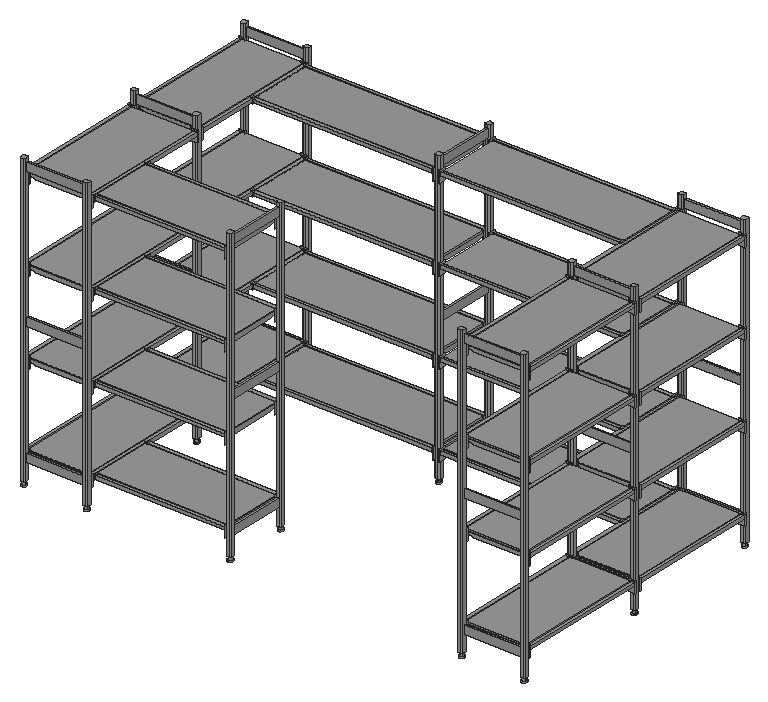
Revit family "QF_ZANUSSI_137105_CRS2816", category Attrezzature speciali, Revit 2020 (continued)
Definition of nested family "QF_974G"
  Definition of nested family "WT_Aggancio373B"
    Automatic sketch dimensions
      Extrusion 2 sketch curve to Extrusion 2 sketch curve = 3 mm  (x4)
      plane 10 to Extrusion 2 sketch curve = 7.996 mm
      plane 10 to Extrusion 2 sketch curve = 2.494 mm
      Extrusion 2 sketch curve to Extrusion 2 sketch curve = 18 mm  (x3)
      plane 12 to Extrusion 2 sketch curve = 2.494 mm
      plane 12 to Extrusion 2 sketch curve = 7.996 mm
      plane 13 to Extrusion 2 sketch curve = 2.494 mm
      plane 2 "LEFT" to Extrusion 3 sketch curve = 0 mm  (x4)
      plane 13 to Extrusion 3 sketch curve = 7.996 mm
      plane 11 to Extrusion 3 sketch curve = 7.996 mm
      Extrusion 3 sketch curve to Extrusion 3 sketch curve = 5 mm  (x4)
      plane 11 to Extrusion 3 sketch curve = 2.494 mm
      plane 10 to Extrusion 3 sketch curve = 28.996 mm
      Extrusion 3 sketch curve to Extrusion 3 sketch curve = 3 mm  (x4)
      plane 10 to Extrusion 3 sketch curve = 7.996 mm
      plane 10 to Extrusion 3 sketch curve = 2.494 mm
      Extrusion 3 sketch curve to Extrusion 3 sketch curve = 18 mm  (x3)
      plane 12 to Extrusion 3 sketch curve = 2.494 mm
      plane 12 to Extrusion 3 sketch curve = 7.996 mm
      plane 13 to Extrusion 3 sketch curve = 2.494 mm
      plane 2 "LEFT" to curve 1 = 5 mm
      plane 2 "LEFT" to curve 7 = 5 mm
      curve 1 to plane 16 "CYFront" = 17.5 mm
      curve 3 to plane 8 = 12.522 mm
      plane 7 to curve 5 = 12.478 mm
      curve 7 to plane 14 = 17.5 mm
      curve 5 to curve 5 = 4 mm
      curve 1 to curve 4 = 4 mm
      Extrusion 2 sketch curve to Extrusion 2 sketch curve = 4 mm  (x4)
      Extrusion 2 sketch curve to Extrusion 2 sketch curve = 8.969 mm  (x4)
      Extrusion 3 sketch curve to Extrusion 3 sketch curve = 4 mm  (x4)
      Extrusion 3 sketch curve to Extrusion 3 sketch curve = 8.969 mm  (x4)
Definition of nested family "QF_708G"
  Parameters
    Default Elevation = 0 mm
    Model = "137030"
    Manufacturer = "Electrolux Professional"
    Description = ""
  Reference planes
    plane 1: z = 0
    plane 2 "Center (F/B)": y = -163.5
    plane 3 "Front": y = -549.5
    plane 4 "Left": x = -217.5
    plane 5 "Right": x = 155.5
    plane 6 "TOP": z = 1700
    plane 7: y = -517.5
    plane 8: y = 190.5
    plane 9 "Center (Left/Right)": x = -31
    plane 10: y = 185.5
    plane 11: x = -186
    plane 12: x = 124
    plane 13 "FEET": z = 25
    plane 14: z = 140
    plane 15: z = 590
    plane 16: z = 1040
    plane 17: z = 1490
    plane 18 "CXLeft": y = -535.5
    plane 19: x = -200
    plane 20 "CYBack": x = -200
    plane 21 "CYFront": x = 138
    plane 22 "Back": y = 194.5
    plane 23 "LEFT_ORIGIN": x = -251.5
    plane 24 "BACK_Origin": y = 567.5
  Forms (mm)
    Extrusion 1, solid
      sketch origin (0, -549.5, 0) x (-1, 0, 0) y (0, 0, 1)
        loop
          line (198.5, 1515.994) -> (198.5, 1497.998) -> (217.5, 1497.998) -> (217.5, 1515.994) -> (198.5, 1515.994)
        loop
          line (-136.5, 1515.994) -> (-155.5, 1515.994) -> (-155.5, 1497.998) -> (-136.5, 1497.998) -> (-136.5, 1515.994)
        loop
          line (198.5, 1065.994) -> (198.5, 1047.998) -> (217.5, 1047.998) -> (217.5, 1065.994) -> (198.5, 1065.994)
        loop
          line (-136.5, 1065.994) -> (-155.5, 1065.994) -> (-155.5, 1047.998) -> (-136.5, 1047.998) -> (-136.5, 1065.994)
        loop
          line (198.5, 615.994) -> (198.5, 597.998) -> (217.5, 597.998) -> (217.5, 615.994) -> (198.5, 615.994)
        loop
          line (-136.5, 615.994) -> (-155.5, 615.994) -> (-155.5, 597.998) -> (-136.5, 597.998) -> (-136.5, 615.994)
        loop
          line (198.5, 165.994) -> (198.5, 147.998) -> (217.5, 147.998) -> (217.5, 165.994) -> (198.5, 165.994)
        loop
          line (-136.5, 165.994) -> (-155.5, 165.994) -> (-155.5, 147.998) -> (-136.5, 147.998) -> (-136.5, 165.994)
      from 32 to 740
    Extrusion 2, solid
      sketch origin (0, -549.5, 0) x (-1, 0, 0) y (0, 0, 1)
        loop
          line (196.507, 1515.994) -> (-134.5, 1515.994) -> (-134.5, 1509.496) -> (196.507, 1509.496) -> (196.507, 1515.994)
        loop
          line (196.507, 1065.994) -> (-134.5, 1065.994) -> (-134.5, 1059.496) -> (196.507, 1059.496) -> (196.507, 1065.994)
        loop
          line (196.507, 615.994) -> (-134.5, 615.994) -> (-134.5, 609.496) -> (196.507, 609.496) -> (196.507, 615.994)
        loop
          line (196.507, 165.994) -> (-134.5, 165.994) -> (-134.5, 159.496) -> (196.507, 159.496) -> (196.507, 165.994)
      from 32 to 740
  Lines and regions (mm)
    symbolic lines
      curve 1: line (-198.5, 190.5, 1700) -> (-198.5, -517.5, 1700)
      curve 2: line (-217.5, -521.5, 1700) -> (-217.5, 190.5, 1700)
      curve 3: line (155.5, -521.5, 1700) -> (155.5, 190.5, 1700)
      curve 4: line (-181.507, -517.5, 1700) -> (119.507, -517.5, 1700)
      curve 5: line (136.5, -517.5, 1700) -> (136.5, 190.5, 1700)
      curve 6: line (-198.5, 190.5, 1700) -> (136.5, 190.5, 1700)
  Dimensions and locks
    plane 3 "Front" to plane 2 "Center (F/B)" = 386 mm
    locked: plane 4 "Left" to plane 5 "Right" at 373
    locked: plane 7 to plane 8 at 708
    locked: plane 3 "Front" to plane 7 at 32
    plane 10 to plane 8 = 5 mm
    locked: plane 11 to plane 12 at 310
    equal spacing: plane 11, plane 9 "Center (Left/Right)", plane 12
    equal spacing: plane 4 "Left", plane 9 "Center (Left/Right)", plane 5 "Right"
    locked: plane 3 "Front" to plane 18 "CXLeft" at 14
    locked: plane 3 "Front" to plane 22 "Back" at 744
    plane 23 "LEFT_ORIGIN" to plane 5 "Right" = 407 mm
    locked: plane 22 "Back" to plane 24 "BACK_Origin" at 373
    plane 14 to level = 140 mm
    plane 15 to level = 590 mm
    plane 16 to level = 1040 mm
    locked: plane 6 "TOP" to level at 1700
    plane 17 to level = 1490 mm
    plane 13 "FEET" to level = 25 mm
    aligned and locked: level to plane 1
    aligned and locked: Extrusion 2 to plane 7
    aligned and locked: plane 8 to Extrusion 2
    aligned and locked: Extrusion 1 to plane 7
    aligned and locked: plane 8 to Extrusion 1
    aligned and locked: Extrusion 1 sketch curve to Extrusion 1 sketch curve  (x2)
    aligned and locked: nested 1 to plane 18 "CXLeft"
    aligned and locked: nested 2 to plane 10
  Automatic sketch dimensions
    curve 2 to plane 4 "Left" = 0 mm
    curve 3 to plane 5 "Right" = 0 mm
    plane 7 to curve 1 = 0 mm
    plane 7 to curve 4 = 0 mm
    plane 7 to curve 5 = 0 mm
    plane 8 to curve 2 = 0 mm
    plane 8 to curve 1 = 0 mm
    plane 8 to curve 3 = 0 mm
    plane 21 "CYFront" to curve 5 = 1.5 mm
    plane 19 to curve 6 = 1.5 mm
    plane 7 to curve 3 = 4 mm
    plane 7 to curve 2 = 4 mm
    plane 12 to curve 4 = 4.493 mm
    curve 4 to plane 11 = 4.493 mm
    plane 5 "Right" to Extrusion 1 sketch curve = 0 mm  (x4)
    plane 4 "Left" to Extrusion 1 sketch curve = 0 mm  (x4)
    plane 21 "CYFront" to Extrusion 1 sketch curve = 1.5 mm  (x2)
    plane 19 to Extrusion 1 sketch curve = 1.5 mm  (x4)
    plane 14 to Extrusion 1 sketch curve = 7.998 mm  (x2)
    Extrusion 1 sketch curve to Extrusion 1 sketch curve = 17.997 mm  (x8)
    plane 15 to Extrusion 1 sketch curve = 7.998 mm  (x2)
    plane 16 to Extrusion 1 sketch curve = 7.998 mm  (x2)
    plane 17 to Extrusion 1 sketch curve = 7.998 mm  (x2)
    plane 21 "CYFront" to Extrusion 2 sketch curve = 3.5 mm  (x4)
    plane 19 to Extrusion 2 sketch curve = 3.493 mm  (x4)
    plane 14 to Extrusion 2 sketch curve = 19.496 mm
    Extrusion 2 sketch curve to Extrusion 2 sketch curve = 6.499 mm  (x4)
    plane 15 to Extrusion 2 sketch curve = 19.496 mm
    plane 16 to Extrusion 2 sketch curve = 19.496 mm
    plane 17 to Extrusion 2 sketch curve = 19.496 mm
  Nested families
    nested 1: "WT_Anta373B" at (-194.5, -132.5, 0) x (0, 1, 0) z (0, 0, 1), type "WT_Anta373B"
    nested 2: "WT_Aggancio373B" at (-194.5, 602.5, 0) x (0, 1, 0) z (0, 0, 1), type "WT_Aggancio373B"
  Definition of nested family "WT_Anta373B"
    Parameters
      WidthLeft = A + 64 mm  # 772 mm
      Width = 1606 mm
      Right = WidthLeft / 2  # 386 mm
      Default Elevation = 0 mm
      Left = -WidthLeft / 2  # -386 mm
      Height = 1590 mm
      FEET = 25 mm
      E = 0 mm
      Dint = Depth - 63 mm  # 310 mm
      Dext = Depth - 8 mm  # 365 mm
      Depth = 373 mm
      DX = (WidthLeft - A) / 2  # 32 mm
      B = 798 mm
      A = 708 mm
    Reference planes
      plane 1: z = 0
      plane 2 "LEFT": x = -417
      plane 3 "BACK": y = 23
      plane 4 "FRONT": y = -350
      plane 5 "TOP": z = 1590
      plane 6 "Center (Front/Back)": y = -163.5
      plane 7: y = -8.5
      plane 8: y = -318.5
      plane 9 "FEET": z = 25
      plane 10: z = 140
      plane 11: z = 590
      plane 12: z = 1040
      plane 13: z = 1490
      plane 14 "CXLeft": x = -403
      plane 15: y = 5.5
      plane 16 "CYBack": y = 5.5
      plane 17 "CYFront": y = -332.5
      plane 18: x = -385.031
      plane 19: x = -380.031
    Forms (mm)
      Extrusion 1, solid
        sketch origin (0, 0, 0) x (1, 0, 0) y (0, 1, 0)
          loop
            line (-417, 13.246) -> (-417, -2.246) -> (-410.746, -8.5) -> (-395.254, -8.5) -> (-389, -2.246) -> (-389, 13.246) -> (-395.254, 19.5) -> (-410.746, 19.5) -> (-417, 13.246)
        from 1590 to 25
      Extrusion 2, solid
        sketch origin (-417, 0, 0) x (0, 1, 0) y (0, 0, 1)
          loop
            line (23, 111.005) -> (23, 172.993) -> (-12.993, 172.993) -> (-12.993, 111.005) -> (23, 111.005)
          loop
            line (-350, 111.005) -> (-314.007, 111.005) -> (-314.007, 172.993) -> (-350, 172.993) -> (-350, 111.005)
          loop
            line (23, 561.005) -> (23, 622.993) -> (-12.993, 622.993) -> (-12.993, 561.005) -> (23, 561.005)
          loop
            line (-350, 561.005) -> (-314.007, 561.005) -> (-314.007, 622.993) -> (-350, 622.993) -> (-350, 561.005)
          loop
            line (23, 1011.005) -> (23, 1072.993) -> (-12.993, 1072.993) -> (-12.993, 1011.005) -> (23, 1011.005)
          loop
            line (-350, 1011.005) -> (-314.007, 1011.005) -> (-314.007, 1072.993) -> (-350, 1072.993) -> (-350, 1011.005)
          loop
            line (23, 1461.005) -> (23, 1522.993) -> (-12.993, 1522.993) -> (-12.993, 1461.005) -> (23, 1461.005)
          loop
            line (-350, 1461.005) -> (-314.007, 1461.005) -> (-314.007, 1522.993) -> (-350, 1522.993) -> (-350, 1461.005)
        from 28 to 32
      Revolve 3, solid
        sketch origin (-403, 0, 0) x (0, 1, 0) y (0, 0, 1)
          loop
            line (5.5, 25) -> (5.5, 0) -> (19, 0) -> (19, 5) -> (14, 5) -> (14, 25) -> (5.5, 25)
          axis (5.5, 25) -> (5.5, 0)
        angle from 0 to 360
      Extrusion 4, solid
        sketch origin (-403, 0, 0) x (0, 1, 0) y (0, 0, 1)
          loop
            line (-8.5, 777.382) -> (-8.5, 822.374) -> (-318.5, 822.374) -> (-318.5, 777.382) -> (-8.5, 777.382)
          loop
            line (-8.5, 1527.244) -> (-8.5, 1572.236) -> (-318.5, 1572.236) -> (-318.5, 1527.244) -> (-8.5, 1527.244)
        from -5 to 5
      Revolve 5, solid
        sketch origin (-403, -627, 0) x (0, -1, 0) y (0, 0, 1)
          loop
            line (-294.5, 25) -> (-294.5, 0) -> (-281, 0) -> (-281, 5) -> (-286, 5) -> (-286, 25) -> (-294.5, 25)
          axis (-294.5, 25) -> (-294.5, 0)
        angle from 0 to 360
      Extrusion 6, solid
        sketch origin (0, -627, 0) x (1, 0, 0) y (0, 1, 0)
          loop
            line (-417, 286.754) -> (-410.746, 280.5) -> (-395.254, 280.5) -> (-389, 286.754) -> (-389, 302.246) -> (-395.254, 308.5) -> (-410.746, 308.5) -> (-417, 302.246) -> (-417, 286.754)
        from 1590 to 25
      Extrusion 7, solid
        sketch origin (-417.031, -0.022, 0) x (0, 1, 0) y (0, 0, -1)
          loop
            line (-12, -1497.998) -> (-46, -1485.994) -> (-281, -1485.994) -> (-315, -1497.998) -> (-331, -1497.998) -> (-331, -1515.994) -> (-329, -1515.994) -> (-329, -1509.496) -> (2.007, -1509.496) -> (2.007, -1515.994) -> (4, -1515.994) -> (4, -1497.998) -> (-12, -1497.998)
          loop
            line (-12, -1047.998) -> (-46, -1035.994) -> (-281, -1035.994) -> (-315, -1047.998) -> (-331, -1047.998) -> (-331, -1065.994) -> (-329, -1065.994) -> (-329, -1059.496) -> (2.007, -1059.496) -> (2.007, -1065.994) -> (4, -1065.994) -> (4, -1047.998) -> (-12, -1047.998)
          loop
            line (-12, -597.998) -> (-46, -585.994) -> (-281, -585.994) -> (-315, -597.998) -> (-331, -597.998) -> (-331, -615.994) -> (-329, -615.994) -> (-329, -609.496) -> (2.007, -609.496) -> (2.007, -615.994) -> (4, -615.994) -> (4, -597.998) -> (-12, -597.998)
          loop
            line (-12, -147.998) -> (-46, -135.994) -> (-281, -135.994) -> (-315, -147.998) -> (-331, -147.998) -> (-331, -165.994) -> (-329, -165.994) -> (-329, -159.496) -> (2.007, -159.496) -> (2.007, -165.994) -> (4, -165.994) -> (4, -147.998) -> (-12, -147.998)
        from -32 to -37
      Extrusion 8, solid
        sketch origin (-403, 0, -659.878) x (0, 1, 0) y (0, 0, 1)
          loop
            line (-8.5, 777.382) -> (-8.5, 822.374) -> (-318.5, 822.374) -> (-318.5, 777.382) -> (-8.5, 777.382)
          loop
            line (-8.5, 1437.382) -> (-8.5, 1482.374) -> (-318.5, 1482.374) -> (-318.5, 1437.382) -> (-8.5, 1437.382)
          loop
            line (-8.5, 2187.382) -> (-8.5, 2232.374) -> (-318.5, 2232.374) -> (-318.5, 2187.382) -> (-8.5, 2187.382)
        from -5 to 5
    Lines and regions (mm)
      symbolic lines
        curve 1: line (-408, -8.5, 1590) -> (-408, -318.5, 1590)
        curve 2: line (-398, -318.5, 1590) -> (-398, -8.5, 1590)
        curve 3: line (-395.254, -8.5, 1590) -> (-410.746, -8.5, 1590)
        curve 4: line (-417, -2.246, 1590) -> (-410.746, -8.5, 1590)
        curve 5: line (-417, 13.246, 1590) -> (-417, -2.246, 1590)
        curve 6: line (-410.746, 19.5, 1590) -> (-417, 13.246, 1590)
        curve 7: line (-395.254, 19.5, 1590) -> (-410.746, 19.5, 1590)
        curve 8: line (-389, 13.246, 1590) -> (-395.254, 19.5, 1590)
        curve 9: line (-395.254, -8.5, 1590) -> (-389, -2.246, 1590)
        curve 10: line (-395.254, -318.5, 1590) -> (-410.746, -318.5, 1590)
        curve 11: line (-417, -324.754, 1590) -> (-410.746, -318.5, 1590)
        curve 12: line (-410.746, -346.5, 1590) -> (-417, -340.246, 1590)
        curve 13: line (-395.254, -346.5, 1590) -> (-410.746, -346.5, 1590)
        curve 14: line (-389, -340.246, 1590) -> (-395.254, -346.5, 1590)
        curve 15: line (-395.254, -318.5, 1590) -> (-389, -324.754, 1590)
        curve 16: line (-389, -350, 1590) -> (-389, -314.007, 1590)
        curve 17: line (-389, -314.007, 1590) -> (-385, -314.007, 1590)
        curve 18: line (-389, 23, 1590) -> (-389, -12.993, 1590)
        curve 19: line (-389, -12.993, 1590) -> (-385, -12.993, 1590)
        curve 20: line (-417, -324.754, 1590) -> (-417, -340.246, 1590)
        curve 21: line (-385, -350, 1590) -> (-385, -314.007, 1590)
        curve 22: line (-385, -350, 1590) -> (-389, -350, 1590)
        curve 23: line (-385, 23, 1590) -> (-389, 23, 1590)
        curve 24: line (-385, -12.993, 1590) -> (-385, 23, 1590)
        curve 25: line (-385.031, -13.016, 1725) -> (-385.031, -314.029, 1725)
    Dimensions and locks
      "Depth": plane 3 "BACK" to plane 4 "FRONT"
      "Dint": plane 7 to plane 8
      equal spacing: plane 7, plane 6 "Center (Front/Back)", plane 8
      equal spacing: plane 3 "BACK", plane 6 "Center (Front/Back)", plane 4 "FRONT"
      plane 9 "FEET" to level = 25 mm
      plane 10 to plane 9 "FEET" = 115 mm
      plane 11 to plane 10 = 450 mm
      plane 12 to plane 11 = 450 mm
      plane 13 to plane 12 = 450 mm
      locked: plane 2 "LEFT" to plane 14 "CXLeft" at 14
      locked: plane 3 "BACK" to plane 16 "CYBack" at 17.5
      locked: plane 17 "CYFront" to plane 4 "FRONT" at 17.5
      locked: Revolve 3 sketch curve to Revolve 3 sketch curve at 8.5
      locked: Revolve 3 sketch curve to plane 16 "CYBack" at 13.5
      locked: Revolve 5 sketch curve to Revolve 5 sketch curve at 8.5
      plane 10 to level = 140 mm
      plane 11 to level = 590 mm
      plane 12 to level = 1040 mm
      plane 13 to level = 1490 mm
      "Height": plane 5 "TOP" to level
      aligned and locked: level to plane 1
      aligned and locked: curve 20 to Extrusion 6
      aligned and locked: plane 5 "TOP" to Extrusion 1
      aligned and locked: plane 5 "TOP" to Extrusion 6
      aligned and locked: Extrusion 7 sketch curve to Extrusion 7 sketch curve  (x3)
    Automatic sketch dimensions
      curve 16 to plane 4 "FRONT" = 0 mm
      curve 11 to plane 8 = 0 mm
      curve 9 to plane 7 = 0 mm
      curve 5 to plane 2 "LEFT" = 0 mm
      curve 23 to plane 3 "BACK" = 0 mm
      plane 4 "FRONT" to curve 13 = 3.5 mm
      curve 20 to plane 17 "CYFront" = 7.746 mm
      curve 20 to plane 8 = 6.254 mm
      plane 8 to curve 16 = 4.493 mm
      curve 24 to plane 18 = 0.031 mm
      curve 24 to plane 7 = 4.493 mm
      plane 7 to curve 5 = 6.254 mm
      curve 5 to plane 15 = 7.746 mm
      curve 6 to plane 3 "BACK" = 3.5 mm
      curve 21 to plane 18 = 0.031 mm
      plane 18 to curve 23 = 3.969 mm
      plane 18 to curve 16 = 3.969 mm
      curve 18 to curve 8 = 6.254 mm
      curve 18 to curve 3 = 6.254 mm
      curve 16 to curve 13 = 6.254 mm
      curve 16 to curve 15 = 6.254 mm
      plane 2 "LEFT" to curve 10 = 6.254 mm
      plane 2 "LEFT" to curve 7 = 6.254 mm
      plane 2 "LEFT" to curve 12 = 6.254 mm
      plane 2 "LEFT" to curve 3 = 6.254 mm
      curve 14 to plane 17 "CYFront" = 7.746 mm
      curve 15 to plane 8 = 6.254 mm
      plane 7 to curve 9 = 6.254 mm
      curve 8 to plane 15 = 7.746 mm
      curve 3 to curve 2 = 2.746 mm
      curve 1 to curve 10 = 2.746 mm
      Extrusion 1 sketch curve to plane 2 "LEFT" = 0 mm
      Extrusion 1 sketch curve to plane 7 = 0 mm
      plane 2 "LEFT" to Extrusion 1 sketch curve = 6.254 mm  (x2)
      plane 14 "CXLeft" to Extrusion 1 sketch curve = 7.746 mm  (x2)
      Extrusion 1 sketch curve to plane 3 "BACK" = 3.5 mm
      plane 18 to Extrusion 1 sketch curve = 3.969 mm
      plane 7 to Extrusion 1 sketch curve = 6.254 mm  (x2)
      Extrusion 1 sketch curve to plane 15 = 7.746 mm  (x2)
      Extrusion 2 sketch curve to plane 4 "FRONT" = 0 mm  (x4)
      Extrusion 2 sketch curve to plane 3 "BACK" = 0 mm  (x4)
      plane 8 to Extrusion 2 sketch curve = 4.493 mm  (x4)
      Extrusion 2 sketch curve to plane 7 = 4.493 mm  (x4)
      Extrusion 2 sketch curve to plane 10 = 28.995 mm  (x2)
      plane 10 to Extrusion 2 sketch curve = 32.993 mm  (x2)
      Extrusion 2 sketch curve to plane 11 = 28.995 mm  (x2)
      plane 11 to Extrusion 2 sketch curve = 32.993 mm  (x2)
      Extrusion 2 sketch curve to plane 12 = 28.995 mm  (x2)
      plane 12 to Extrusion 2 sketch curve = 32.993 mm  (x2)
      Extrusion 2 sketch curve to plane 13 = 28.995 mm  (x2)
      plane 13 to Extrusion 2 sketch curve = 32.993 mm  (x2)
      Revolve 3 sketch curve to plane 9 "FEET" = 0 mm  (x2)
      Revolve 3 sketch curve to plane 15 = 0 mm  (x2)
      Revolve 3 sketch curve to level = 0 mm
      level to Revolve 3 sketch curve = 5 mm
      Revolve 3 sketch curve to Revolve 3 sketch curve = 11.655 mm
      Extrusion 4 sketch curve to plane 8 = 0 mm  (x2)
      Extrusion 4 sketch curve to plane 7 = 0 mm  (x2)
      plane 11 to Extrusion 4 sketch curve = 187.382 mm
      Extrusion 4 sketch curve to Extrusion 4 sketch curve = 44.992 mm
      plane 13 to Extrusion 4 sketch curve = 37.244 mm
      Extrusion 4 sketch curve to plane 5 "TOP" = 17.764 mm
      Revolve 5 sketch curve to plane 9 "FEET" = 0 mm  (x2)
      Revolve 5 sketch curve to plane 17 "CYFront" = 0 mm  (x2)
      Revolve 5 sketch curve to level = 0 mm
      Revolve 5 sketch curve to plane 4 "FRONT" = 4 mm
      Revolve 5 sketch curve to Revolve 5 sketch curve = 5 mm
      level to Revolve 5 sketch curve = 11.655 mm
      Extrusion 6 sketch curve to plane 2 "LEFT" = 0 mm
      Extrusion 6 sketch curve to plane 8 = 0 mm
      Extrusion 6 sketch curve to plane 2 "LEFT" = 6.254 mm  (x2)
      Extrusion 6 sketch curve to plane 14 "CXLeft" = 7.746 mm  (x2)
      Extrusion 6 sketch curve to plane 4 "FRONT" = 3.5 mm
      Extrusion 6 sketch curve to plane 18 = 3.969 mm
      plane 8 to Extrusion 6 sketch curve = 6.254 mm  (x2)
      plane 17 "CYFront" to Extrusion 6 sketch curve = 7.746 mm  (x2)
      plane 17 "CYFront" to Extrusion 7 sketch curve = 1.478 mm  (x4)
      Extrusion 7 sketch curve to Extrusion 7 sketch curve = 2 mm
      plane 8 to Extrusion 7 sketch curve = 3.478 mm  (x4)
      Extrusion 7 sketch curve to plane 10 = 4.006 mm
      Extrusion 7 sketch curve to Extrusion 7 sketch curve = 34 mm  (x4)
      Extrusion 7 sketch curve to plane 11 = 4.006 mm
      Extrusion 7 sketch curve to plane 12 = 4.006 mm
      Extrusion 7 sketch curve to plane 13 = 4.006 mm
      Extrusion 7 sketch curve to plane 7 = 37.522 mm  (x4)
      Extrusion 7 sketch curve to plane 7 = 3.522 mm  (x4)
      plane 15 to Extrusion 7 sketch curve = 3.516 mm  (x4)
      plane 15 to Extrusion 7 sketch curve = 1.522 mm  (x4)
      plane 13 to Extrusion 7 sketch curve = 7.998 mm  (x2)
      Extrusion 7 sketch curve to Extrusion 7 sketch curve = 11.498 mm
      Extrusion 7 sketch curve to Extrusion 7 sketch curve = 6.499 mm  (x5)
      plane 12 to Extrusion 7 sketch curve = 25.994 mm  (x2)
      plane 12 to Extrusion 7 sketch curve = 7.998 mm  (x2)
      plane 11 to Extrusion 7 sketch curve = 25.994 mm  (x2)
      plane 11 to Extrusion 7 sketch curve = 7.998 mm  (x2)
      plane 10 to Extrusion 7 sketch curve = 25.994 mm  (x2)
      plane 10 to Extrusion 7 sketch curve = 7.998 mm  (x2)
      curve 25 to plane 18 = 0 mm
      plane 8 to curve 25 = 4.471 mm
      curve 25 to plane 7 = 4.516 mm
      Extrusion 8 sketch curve to plane 8 = 0 mm  (x3)
      Extrusion 8 sketch curve to plane 7 = 0 mm  (x3)
      Extrusion 8 sketch curve to plane 10 = 22.496 mm
      plane 10 to Extrusion 8 sketch curve = 22.496 mm
      plane 11 to Extrusion 8 sketch curve = 187.504 mm
      Extrusion 8 sketch curve to Extrusion 8 sketch curve = 44.992 mm
      plane 13 to Extrusion 8 sketch curve = 37.504 mm
      Extrusion 8 sketch curve to plane 5 "TOP" = 17.504 mm
  Definition of nested family "WT_Aggancio373B"
    Parameters
      WidthLeft = A + 64 mm  # 772 mm
      Width = 1606 mm
      Right = WidthLeft / 2  # 386 mm
      Default Elevation = 0 mm
      Left = -WidthLeft / 2  # -386 mm
      Height = 1590 mm
      FEET = 25 mm
      E = 0 mm
      Dint = Depth - 63 mm  # 310 mm
      Dext = Depth - 8 mm  # 365 mm
      Depth = 373 mm
      DX = (WidthLeft - A) / 2  # 32 mm
      B = 798 mm
      A = 708 mm
    Reference planes
      plane 1: z = 0
      plane 2 "LEFT": x = -417
      plane 3 "BACK": y = 23
      plane 4 "FRONT": y = -350
      plane 5 "TOP": z = 1590
      plane 6 "Center (Front/Back)": y = -163.5
      plane 7: y = -8.5
      plane 8: y = -318.5
      plane 9 "FEET": z = 25
      plane 10: z = 140
      plane 11: z = 590
      plane 12: z = 1040
      plane 13: z = 1490
      plane 14: y = 5.5
      plane 15 "CYBack": y = 5.5
      plane 16 "CYFront": y = -332.5
    Forms (mm)
      Extrusion 1, solid
        sketch origin (-380, -0.022, 0) x (0, 1, 0) y (0, 0, 1)
          loop
            line (-12, 1497.998) -> (4, 1497.998) -> (4, 1515.994) -> (2.007, 1515.994) -> (2.007, 1509.496) -> (-329, 1509.496) -> (-329, 1515.994) -> (-331, 1515.994) -> (-331, 1497.998) -> (-315, 1497.998) -> (-281, 1485.994) -> (-46, 1485.994) -> (-12, 1497.998)
          loop
            line (-12, 1047.998) -> (4, 1047.998) -> (4, 1065.994) -> (2.007, 1065.994) -> (2.007, 1059.496) -> (-329, 1059.496) -> (-329, 1065.994) -> (-331, 1065.994) -> (-331, 1047.998) -> (-315, 1047.998) -> (-281, 1035.994) -> (-46, 1035.994) -> (-12, 1047.998)
          loop
            line (-12, 597.998) -> (4, 597.998) -> (4, 615.994) -> (2.007, 615.994) -> (2.007, 609.496) -> (-329, 609.496) -> (-329, 615.994) -> (-331, 615.994) -> (-331, 597.998) -> (-315, 597.998) -> (-281, 585.994) -> (-46, 585.994) -> (-12, 597.998)
          loop
            line (-12, 147.998) -> (4, 147.998) -> (4, 165.994) -> (2.007, 165.994) -> (2.007, 159.496) -> (-329, 159.496) -> (-329, 165.994) -> (-331, 165.994) -> (-331, 147.998) -> (-315, 147.998) -> (-281, 135.994) -> (-46, 135.994) -> (-12, 147.998)
        from -32 to -37
      Extrusion 2, solid
        sketch origin (-793.062, -324.754, 6.5) x (1, 0, 0) y (0, 0, 1)
          loop
            line (385.062, 1509.496) -> (385.062, 1512.496) -> (376.062, 1512.496) -> (376.062, 1485.994) -> (390.031, 1485.994) -> (390.031, 1491.496) -> (381.062, 1491.496) -> (381.062, 1509.496) -> (385.062, 1509.496)
          loop
            line (385.062, 1059.496) -> (385.062, 1062.496) -> (376.062, 1062.496) -> (376.062, 1035.994) -> (390.031, 1035.994) -> (390.031, 1041.496) -> (381.062, 1041.496) -> (381.062, 1059.496) -> (385.062, 1059.496)
          loop
            line (385.062, 609.496) -> (385.062, 612.496) -> (376.062, 612.496) -> (376.062, 585.994) -> (390.031, 585.994) -> (390.031, 591.496) -> (381.062, 591.496) -> (381.062, 609.496) -> (385.062, 609.496)
          loop
            line (385.062, 159.496) -> (385.062, 162.496) -> (376.062, 162.496) -> (376.062, 135.994) -> (390.031, 135.994) -> (390.031, 141.496) -> (381.062, 141.496) -> (381.062, 159.496) -> (385.062, 159.496)
        from 6.268 to 25.246
      Extrusion 3, solid
        sketch origin (-793.062, 32.754, 6.5) x (1, 0, 0) y (0, 0, 1)
          loop
            line (385.062, 1509.496) -> (385.062, 1512.496) -> (376.062, 1512.496) -> (376.062, 1485.994) -> (390.031, 1485.994) -> (390.031, 1491.496) -> (381.062, 1491.496) -> (381.062, 1509.496) -> (385.062, 1509.496)
          loop
            line (385.062, 1059.496) -> (385.062, 1062.496) -> (376.062, 1062.496) -> (376.062, 1035.994) -> (390.031, 1035.994) -> (390.031, 1041.496) -> (381.062, 1041.496) -> (381.062, 1059.496) -> (385.062, 1059.496)
          loop
            line (385.062, 609.496) -> (385.062, 612.496) -> (376.062, 612.496) -> (376.062, 585.994) -> (390.031, 585.994) -> (390.031, 591.496) -> (381.062, 591.496) -> (381.062, 609.496) -> (385.062, 609.496)
          loop
            line (385.062, 159.496) -> (385.062, 162.496) -> (376.062, 162.496) -> (376.062, 135.994) -> (390.031, 135.994) -> (390.031, 141.496) -> (381.062, 141.496) -> (381.062, 159.496) -> (385.062, 159.496)
        from 9.754 to 28.776
    Lines and regions (mm)
      symbolic lines
        curve 1: line (-412, -350, 0) -> (-408, -350, 0)
        curve 2: line (-412, -331.022, 0) -> (-412, -350, 0)
        curve 3: line (-408, -331.022, 0) -> (-412, -331.022, 0)
        curve 4: line (-408, -350, 0) -> (-408, -331.022, 0)
        curve 5: line (-412, 3.978, 0) -> (-408, 3.978, 0)
        curve 6: line (-412, 23, 0) -> (-412, 3.978, 0)
        curve 7: line (-408, 23, 0) -> (-412, 23, 0)
        curve 8: line (-408, 3.978, 0) -> (-408, 23, 0)
    Dimensions and locks
      "Height": plane 5 "TOP" to level
      "Depth": plane 3 "BACK" to plane 4 "FRONT"
      "Dint": plane 7 to plane 8
      equal spacing: plane 7, plane 6 "Center (Front/Back)", plane 8
      equal spacing: plane 3 "BACK", plane 6 "Center (Front/Back)", plane 4 "FRONT"
      plane 9 "FEET" to level = 25 mm
      plane 10 to plane 9 "FEET" = 115 mm
      locked: plane 11 to plane 10 at 450
      locked: plane 12 to plane 11 at 450
      locked: plane 13 to plane 12 at 450
      locked: plane 3 "BACK" to plane 15 "CYBack" at 17.5
      locked: plane 16 "CYFront" to plane 4 "FRONT" at 17.5
      aligned and locked: level to plane 1
      aligned and locked: Extrusion 1 sketch curve to Extrusion 1 sketch curve  (x3)
    Automatic sketch dimensions
      plane 16 "CYFront" to Extrusion 1 sketch curve = 1.478 mm  (x4)
      Extrusion 1 sketch curve to Extrusion 1 sketch curve = 2 mm
      plane 8 to Extrusion 1 sketch curve = 3.478 mm  (x4)
      Extrusion 1 sketch curve to plane 10 = 4.006 mm
      Extrusion 1 sketch curve to Extrusion 1 sketch curve = 34 mm  (x4)
      Extrusion 1 sketch curve to plane 11 = 4.006 mm
      Extrusion 1 sketch curve to plane 12 = 4.006 mm
      Extrusion 1 sketch curve to plane 13 = 4.006 mm
      Extrusion 1 sketch curve to plane 7 = 37.522 mm  (x4)
      Extrusion 1 sketch curve to plane 7 = 3.522 mm  (x4)
      plane 14 to Extrusion 1 sketch curve = 3.516 mm  (x4)
      plane 14 to Extrusion 1 sketch curve = 1.522 mm  (x4)
      plane 10 to Extrusion 1 sketch curve = 7.998 mm  (x2)
      Extrusion 1 sketch curve to Extrusion 1 sketch curve = 11.498 mm  (x4)
      Extrusion 1 sketch curve to Extrusion 1 sketch curve = 6.499 mm  (x8)
      plane 11 to Extrusion 1 sketch curve = 7.998 mm  (x2)
      plane 12 to Extrusion 1 sketch curve = 7.998 mm  (x2)
      plane 13 to Extrusion 1 sketch curve = 7.998 mm  (x2)
      plane 2 "LEFT" to Extrusion 2 sketch curve = 0 mm  (x4)
      plane 13 to Extrusion 2 sketch curve = 7.996 mm
      plane 11 to Extrusion 2 sketch curve = 7.996 mm
      Extrusion 2 sketch curve to Extrusion 2 sketch curve = 5 mm  (x4)
      plane 11 to Extrusion 2 sketch curve = 2.494 mm
      plane 10 to Extrusion 2 sketch curve = 28.996 mm
      Extrusion 2 sketch curve to Extrusion 2 sketch curve = 3 mm  (x4)
      plane 10 to Extrusion 2 sketch curve = 7.996 mm
      plane 10 to Extrusion 2 sketch curve = 2.494 mm
      Extrusion 2 sketch curve to Extrusion 2 sketch curve = 18 mm  (x3)
      plane 12 to Extrusion 2 sketch curve = 2.494 mm
      plane 12 to Extrusion 2 sketch curve = 7.996 mm
      plane 13 to Extrusion 2 sketch curve = 2.494 mm
      plane 2 "LEFT" to Extrusion 3 sketch curve = 0 mm  (x4)
      plane 13 to Extrusion 3 sketch curve = 7.996 mm
      plane 11 to Extrusion 3 sketch curve = 7.996 mm
      Extrusion 3 sketch curve to Extrusion 3 sketch curve = 5 mm  (x4)
      plane 11 to Extrusion 3 sketch curve = 2.494 mm
      plane 10 to Extrusion 3 sketch curve = 28.996 mm
      Extrusion 3 sketch curve to Extrusion 3 sketch curve = 3 mm  (x4)
      plane 10 to Extrusion 3 sketch curve = 7.996 mm
      plane 10 to Extrusion 3 sketch curve = 2.494 mm
      Extrusion 3 sketch curve to Extrusion 3 sketch curve = 18 mm  (x3)
      plane 12 to Extrusion 3 sketch curve = 2.494 mm
      plane 12 to Extrusion 3 sketch curve = 7.996 mm
      plane 13 to Extrusion 3 sketch curve = 2.494 mm
      plane 2 "LEFT" to curve 1 = 5 mm
      plane 2 "LEFT" to curve 7 = 5 mm
      curve 1 to plane 16 "CYFront" = 17.5 mm
      curve 3 to plane 8 = 12.522 mm
      plane 7 to curve 5 = 12.478 mm
      curve 7 to plane 14 = 17.5 mm
      curve 5 to curve 5 = 4 mm
      curve 1 to curve 4 = 4 mm
      Extrusion 2 sketch curve to Extrusion 2 sketch curve = 4 mm  (x4)
      Extrusion 2 sketch curve to Extrusion 2 sketch curve = 8.969 mm  (x4)
      Extrusion 3 sketch curve to Extrusion 3 sketch curve = 4 mm  (x4)
      Extrusion 3 sketch curve to Extrusion 3 sketch curve = 8.969 mm  (x4)
